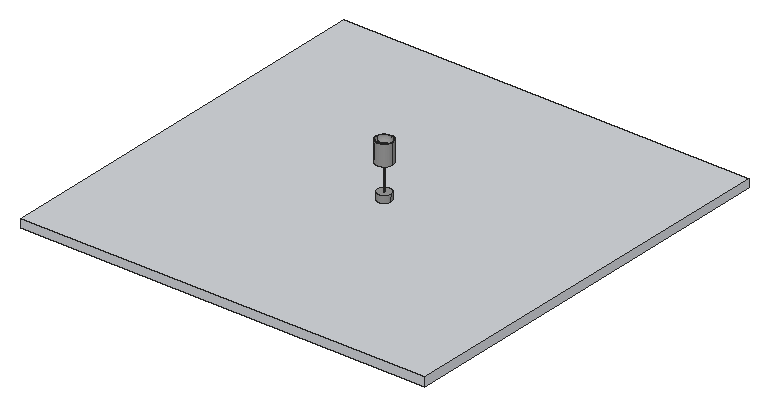
Revit family "LAMP_KOMBIC 100 SURFACE OPTIC TW", category Luminarias, Revit 2018
Family settings
  Anfitrión = Cara
  Cota de conector redondo = Diámetro de uso
  Tipo de pieza = Normal
  Corte con vacíos al cargar = No
  Origen de luz = Sí
  Compartido = No
  Punto de cálculo de habitación = No
Parameters (values of type "1001LM TW DALI B/B")
  Ángulo de inclinación = -90.00°
  Weight = 0.864 kg
  UGR = ""
  Type = "COB BRIDGELUX"
  Protection rating = "IP40"
  Product datasheet = "http://www.lamp.es/product-files/TECH/K11SF2040WF9TWDBB-EN.pdf"
  Product code = "K11SF2040WF9TWDBB"
  Product URL = "https://www.lamp.es/en/family/kombic-surface_474354"
  Power Supply = "220-240V 50/60Hz"
  Power = 16 W
  Plum = 20.7 W
  Modelo = Product code  # "K11SF2040WF9TWDBB"
  Model explanation = "Possibility of chossing between surface or suspended within the model"
  Material reflector = LAMP_PC Reflector Kombic Metalizado Negro
  Material floron = LAMP_Plástico genérico NG
  Material optica = LAMP_PMMA Optica Kombic100
  Material cuerpo = LAMP_Plástico genérico NG
  Material cable suspension = LAMP_Acero genérico
  Material LED = LAMP_COB
  Manufacturer name = "LAMP"
  Manufacturer country = "Spain"
  Manufacturer URL = "http://www.lamp.es/en"
  MacAdam = "3"
  Luminaire type = "Suspended"
  Last update = "29/07/2021"
  Lamp = "COB LED"
  LED Lifetime = "70.000 L80 B10"
  Insulation class = "I"
  Installation instructions = "https://www.lamp.es/product-files/packed/by-family/474354_INS_all.zip"
  Initial color = "2700-5000K"
  IEE = "A"
  Height suspension [instance] = 200 mm
  Height distance [instance] = if(Surface, 0.1 mm, if(Ceiling rose, if(Height suspension > 38 mm, if(Height suspension < 2000 mm, Height suspension, 2000 mm), 38 mm), 37 mm))  # 200 mm
  Wattage = 20.7 W
  built-in parameter 1150107 = 3000 (stored number, unit not read)
  Surface [instance] = no
  built-in parameter 1150110 = 1 (stored number, unit not read)
  built-in parameter 1150109 = 1 (stored number, unit not read)
  built-in parameter 1150112 = 1 (stored number, unit not read)
  built-in parameter 1150113 = 1 (stored number, unit not read)
  built-in parameter 1114218 = 1 (stored number, unit not read)
  built-in parameter 1150137 = (empty or 0)
  built-in parameter 1150132 = 2
  built-in parameter 1150105 = 1410.7 (stored number, unit not read)
  built-in parameter 1150102 = (empty or 0)
  built-in parameter 1150106 = 14.107 (stored number, unit not read)
  Height = 220 mm
  Gear = "Electronic"
  Lumens = 1061.91 lm
  Finish = "Matte black RAL 9011"
  Color Filter = 16777215
  built-in parameter 1114217 = 1 (stored number, unit not read)
  built-in parameter 1150139 = (empty or 0)
  Fabricante = Manufacturer name  # "LAMP"
  Default Elevation = 1219.2 mm
  built-in parameter 1150104 = 4.7659 (stored number, unit not read)
  Efficacy = 51.3 lm/W
  Diameter = 100 mm
  built-in parameter 1150115 = 1 (stored number, unit not read)
  built-in parameter 1150114 = 1 (stored number, unit not read)
  built-in parameter 1150138 = (empty or 0)
  built-in parameter 1150134 = (empty or 0)
  Ceiling rose [instance] = not(Surface)  # yes
  Dimming Lamp Color Temperature Shift = (empty or 0)
  CRI = "90"
  Archivo de red fotométrica = "K11SF2040WF9TWDBB.IES"
  built-in parameter 1150133 = 10 (stored number, unit not read)
Types (6, lengths in mm): name | Product datasheet | Product code | Modelo | Material reflector | Material floron | Material cuerpo | built-in parameter 1150105 | built-in parameter 1150106 | Lumens | Finish | built-in parameter 1150104 | Efficacy | Archivo de red fotométrica
  1001LM TW DALI B/B | "http://www.lamp.es/product-files/TECH/K11SF2040WF9TWDBB-EN.pdf" | "K11SF2040WF9TWDBB" | "K11SF2040WF9TWDBB" | LAMP_PC Reflector Kombic Metalizado Negro | LAMP_Plástico genérico NG | LAMP_Plástico genérico NG | 1410.7 (stored number, unit not read) | 14.107 (stored number, unit not read) | 1061.91 lm | "Matte black RAL 9011" | 4.7659 (stored number, unit not read) | 51.3 lm/W | "K11SF2040WF9TWDBB.IES"
  1001LM TW DALI B/W | "http://www.lamp.es/product-files/TECH/K11SF2040WF9TWDBW-EN.pdf" | "K11SF2040WF9TWDBW" | "K11SF2040WF9TWDBW" | LAMP_PC Reflector Kombic Metalizado Negro | LAMP_Plástico genérico BL | LAMP_Plástico genérico BL | 1390.5 (stored number, unit not read) | 13.905 (stored number, unit not read) | 1061.91 lm | "Matte Traffic white RAL 9016" | 4.7659 (stored number, unit not read) | 51.3 lm/W | "K11SF2040WF9TWDBW.IES"
  1050LM TW DALI M/B | "http://www.lamp.es/product-files/TECH/K11SF2040WF9TWDMB-EN.pdf" | "K11SF2040WF9TWDMB" | "K11SF2040WF9TWDMB" | LAMP_PC Reflector Kombic Metalizado Mate | LAMP_Plástico genérico NG | LAMP_Plástico genérico NG | 1424.5 (stored number, unit not read) | 14.245 (stored number, unit not read) | 1072.26 lm | "Matte black RAL 9011" | 4.8124 (stored number, unit not read) | 51.8 lm/W | "K11SF2040WF9TWDMB.IES"
  1050LM TW DALI M/W | "http://www.lamp.es/product-files/TECH/K11SF2040WF9TWDMW-EN.pdf" | "K11SF2040WF9TWDMW" | "K11SF2040WF9TWDMW" | LAMP_PC Reflector Kombic Metalizado Mate | LAMP_Plástico genérico BL | LAMP_Plástico genérico BL | 1424.5 (stored number, unit not read) | 14.245 (stored number, unit not read) | 1072.26 lm | "Matte Traffic white RAL 9016" | 4.8124 (stored number, unit not read) | 51.8 lm/W | "K11SF2040WF9TWDMW.IES"
  1050LM TW DALI W/B | "http://www.lamp.es/product-files/TECH/K11SF2040WF9TWDWB-EN.pdf" | "K11SF2040WF9TWDWB" | "K11SF2040WF9TWDWB" | LAMP_PC Reflector Kombic Blanco | LAMP_Plástico genérico NG | LAMP_Plástico genérico NG | 1424.5 (stored number, unit not read) | 14.245 (stored number, unit not read) | 1072.26 lm | "Matte black RAL 9011" | 4.8124 (stored number, unit not read) | 51.8 lm/W | "K11SF2040WF9TWDWB.IES"
  1050LM TW DALI W/W | "http://www.lamp.es/product-files/TECH/K11SF2040WF9TWDWW-EN.pdf" | "K11SF2040WF9TWDWW" | "K11SF2040WF9TWDWW" | LAMP_PC Reflector Kombic Blanco | LAMP_Plástico genérico BL | LAMP_Plástico genérico BL | 1424.5 (stored number, unit not read) | 14.245 (stored number, unit not read) | 1072.26 lm | "Matte Traffic white RAL 9016" | 4.8124 (stored number, unit not read) | 51.8 lm/W | "K11SF2040WF9TWDWW.IES"
Reference planes
  plane 1 "Centro (Frontal/Posterior)": y = 0
  plane 2: z = 0
  plane 3 "Centro (Izquierda/Derecha)": x = 0
Forms (mm)
  Extrusion 1, solid
    sketch origin (0, 0, 0) x (1, 0, 0) y (0, 1, 0)
      loop
        line (-1219.2, 1219.2) -> (-1219.2, -1219.2) -> (1219.2, -1219.2) -> (1219.2, 1219.2) -> (-1219.2, 1219.2)
    from 0 to -50
  Extrusion 2, solid, material "LAMP_Plástico genérico NG" <- "Material cuerpo"
    sketch origin (0, 0, 0) x (1, 0, 0) y (0, 1, 0)
      loop
        circle (0, 0) r 50
    from 200 to 320
  Extrusion 3, void
    sketch origin (0, 0, 0) x (1, 0, 0) y (0, 1, 0)
      loop
        circle (0, 0) r 48
    from 210.588 to 320
  Sweep 4, solid, material "LAMP_PC Reflector Kombic Metalizado Negro" <- "Material reflector"
    path origin (105.103, -251.845, 320) x (1, 0, 0) y (0, 1, 0)
      loop
        circle (-105.103, 251.959) r 48
    profile origin (0, 48.114, 320) x (0, -1, 0) y (0, 0, 1)
      loop
        arc (0, 0) -> (6.616, -20.646) -> (24, -33.6) r 35.52
        line (24, -33.6) -> (24, -32.6)
        arc (24, -32.6) -> (7.196, -20.217) -> (2, 0) r 31.112
        line (2, 0) -> (0, 0)
  Extrusion 5, solid, material "LAMP_PMMA Optica Kombic100" <- "Material optica"
    sketch origin (0, 0, 0) x (1, 0, 0) y (0, 1, 0)
      loop
        circle (0, 0) r 24
    from 286.4 to 287.4
  Extrusion 6, solid, material "LAMP_Plástico genérico NG" <- "Material floron", visible <- "Ceiling rose"
    sketch origin (0, 0, 0) x (1, 0, 0) y (0, 1, 0)
      loop
        circle (0, 0) r 42
    from 0 to 37
  Extrusion 7, solid, material "LAMP_Acero genérico" <- "Material cable suspension", visible <- "Ceiling rose"
    sketch origin (0, 0, 0) x (1, 0, 0) y (0, 1, 0)
      loop
        circle (0, 0) r 1
    from 37 to 200
  Extrusion 8, solid, material "LAMP_COB" <- "Material LED"
    sketch origin (0, 0, 0) x (1, 0, 0) y (0, 1, 0)
      loop
        circle (0, 0) r 13
    from 285.4 to 286.4
Cuts and joins
  Extrusion 3 cuts Extrusion 2
Text (mm)
  text "Any modification of the parameters and properties of the LAMP BIM models must be executed and validated by the LAMP technical department.\nPhone: +34 93 736 68 00\nE-mail: lamp@lamp.es\n\nLAMP reserves the right to modify the technical specifications of its products." at (1856.491, -4316.333, -2622.127), in view "Preview"
Dimensions and locks
  "Height distance": Extrusion 2 to Extrusion 1
  locked: Extrusion 2 to Extrusion 2 at 120
  locked: cut or joined group of Extrusion 2, Extrusion 3 to cut or joined group of Extrusion 2, Extrusion 3 at 109.412
  locked: Extrusion 8 to Extrusion 8 at 1
  aligned and locked: plane 2 to Extrusion 1
  aligned and locked: level to Extrusion 1
  aligned and locked: Extrusion 2 to Extrusion 3
  aligned and locked: cut or joined group of Extrusion 2, Extrusion 3 to Sweep 4 sketch curve
  aligned and locked: Sweep 4 to Extrusion 5
  aligned and locked: Extrusion 5 to Sweep 4
  aligned and locked: Extrusion 7 to Extrusion 6
  aligned and locked: Extrusion 7 to cut or joined group of Extrusion 2, Extrusion 3
  aligned and locked: imposter light to cut or joined group of Extrusion 2, Extrusion 3
  aligned and locked: Extrusion 8 to Extrusion 5
Automatic sketch dimensions
  Extrusion 1 sketch curve to Extrusion 1 sketch curve = 2438.4 mm  (x2)
  plane 1 "Centro (Frontal/Posterior)" to Extrusion 2 sketch curve = 0 mm
  Extrusion 2 sketch curve to plane 3 "Centro (Izquierda/Derecha)" = 0 mm
  plane 1 "Centro (Frontal/Posterior)" to Extrusion 3 sketch curve = 0 mm
  Extrusion 3 sketch curve to plane 3 "Centro (Izquierda/Derecha)" = 0 mm
  Sweep 4 sketch curve to Sweep 4 sketch curve = 2 mm
  Sweep 4 sketch curve to Sweep 4 sketch curve = 2.536 mm
  Sweep 4 sketch curve to Sweep 4 sketch curve = 2.814 mm
  Sweep 4 sketch curve to profile plane = 24 mm
  Sweep 4 sketch curve to Sweep 4 sketch curve = 8.984 mm
  Sweep 4 sketch curve to profile plane = 0 mm
  plane 1 "Centro (Frontal/Posterior)" to Extrusion 5 sketch curve = 0 mm
  Extrusion 5 sketch curve to plane 3 "Centro (Izquierda/Derecha)" = 0 mm
  plane 1 "Centro (Frontal/Posterior)" to Extrusion 6 sketch curve = 0 mm
  Extrusion 6 sketch curve to plane 3 "Centro (Izquierda/Derecha)" = 0 mm
  plane 1 "Centro (Frontal/Posterior)" to Extrusion 7 sketch curve = 0 mm
  Extrusion 7 sketch curve to plane 3 "Centro (Izquierda/Derecha)" = 0 mm
  plane 1 "Centro (Frontal/Posterior)" to Extrusion 8 sketch curve = 0 mm
  Extrusion 8 sketch curve to plane 3 "Centro (Izquierda/Derecha)" = 0 mm
  radius of Extrusion 2 sketch curve = 50 mm
  radius of Extrusion 3 sketch curve = 48 mm
  radius of Sweep 4 sketch curve = 48 mm
  radius of Extrusion 5 sketch curve = 24 mm
  radius of Extrusion 6 sketch curve = 42 mm
  radius of Extrusion 7 sketch curve = 1 mm
  radius of Extrusion 8 sketch curve = 13 mm
Connectors
  electrical at (0, 0, 200)
    settings: on cut or joined group of Extrusion 2, Extrusion 3, index 1, voltage 230 V, apparent load 0 VA, apparent load phase1 0 VA, apparent load phase2 0 VA, apparent load phase3 0 VA, power factor 1, load classification "Otro", number of poles 1, system type 31, power factor state 1, is connector primary yes, connector utility no, sub classification motor no, connector description ""
